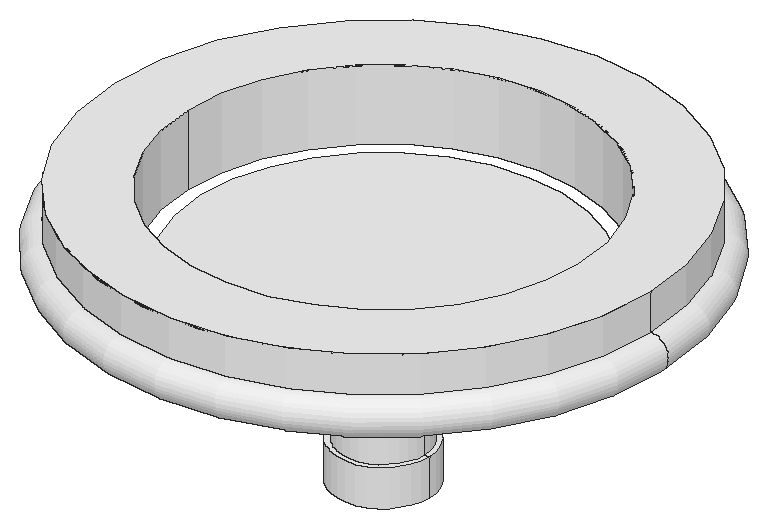
Revit family
Parameters (values of type "200 Watts")
  Wattage Comments = "200"
  Wattage = 200 W
  built-in parameter 1150110 = 1 (stored number, unit not read)
  built-in parameter 1114217 = 1 (stored number, unit not read)
  built-in parameter 1150109 = 1 (stored number, unit not read)
  built-in parameter 1150134 = 4
  built-in parameter 1150113 = 1 (stored number, unit not read)
  built-in parameter 1150105 = 8024.6 (stored number, unit not read)
  built-in parameter 1150115 = 1 (stored number, unit not read)
  Light Source Symbol Length = 1000 mm
  built-in parameter 1150137 = (empty or 0)
  built-in parameter 1150139 = (empty or 0)
  built-in parameter 1150112 = 1 (stored number, unit not read)
  built-in parameter 1150114 = 1 (stored number, unit not read)
  Lamp Frame Material = Steel
  Lamp Material = Glass1
  Lumens = 2400 lm
  built-in parameter 1010506 = 0.5236 (stored number, unit not read)
  built-in parameter 1010507 = 1.5708 (stored number, unit not read)
  Tilt Angle = 90.00°
  Lamp = "SL-1"
  built-in parameter 1150132 = (empty or 0)
  built-in parameter 1150102 = (empty or 0)
  built-in parameter 1150107 = 2800 (stored number, unit not read)
  built-in parameter 1150138 = (empty or 0)
  built-in parameter 1150106 = 80.246 (stored number, unit not read)
  built-in parameter 1150104 = 1.1148 (stored number, unit not read)
  Dimming Lamp Color Temperature Shift = (empty or 0)
  Color Filter = 16777215
  built-in parameter 1114218 = 1 (stored number, unit not read)
  built-in parameter 1150133 = 10 (stored number, unit not read)
Types (3, lengths in mm): name | Wattage Comments | Wattage | built-in parameter 1150105 | Lumens | built-in parameter 1150106
  (no name) | "200" | 200 W | 8024.6 (stored number, unit not read) | 2400 lm | 80.246 (stored number, unit not read)
  200 Watts | "200" | 200 W | 8024.6 (stored number, unit not read) | 2400 lm | 80.246 (stored number, unit not read)
  400 Watts | "400" | 400 W | 16049.1 (stored number, unit not read) | 4800 lm | 160.49 (stored number, unit not read)
Reference planes
  plane 1 "Light Source Axis (F/B)": y = 0
  plane 2 "Ceiling": z = 2438.4
  plane 3 "Light Source Axis (L/R)": x = 0
  plane 4 "Light Source Elevation": z = 2378.4
  plane 5: x = 75
  plane 6: x = -75
  plane 7: y = 75
  plane 8: y = -75
  plane 9: z = 2374.893
Forms (mm)
  Extrusion 1, solid, material "Steel" <- "Lamp Frame Material"
    sketch origin (0, 0, 2438.4) x (1, 0, 0) y (0, 1, 0)
      loop
        circle (0, 0) r 75
      loop
        circle (0, 0) r 55
    from -10 to 10
  Sweep 2, solid, material "Steel" <- "Lamp Frame Material"
    path origin (0, 0, 2438.4) x (1, 0, 0) y (0, 1, 0)
      loop
        circle (0, 0) r 75
    profile origin (0, 0, 0) x (0, -1, 0) y (0, 0, 1)
      loop
        arc (-75, 2438.4) -> (-80, 2433.4) -> (-75, 2428.4) r 5
        line (-75, 2428.4) -> (-75, 2438.4)
  Extrusion 3, solid, material "Steel" <- "Lamp Frame Material"
    sketch origin (0, 0, 2438.4) x (1, 0, 0) y (0, 1, 0)
      loop
        circle (0, 0) r 51.179
    from -10 to -12
  Extrusion 4, solid, material "Steel" <- "Lamp Frame Material"
    sketch origin (0, 0, 2438.4) x (1, 0, 0) y (0, 1, 0)
      loop
        circle (0, 0) r 44.22
    from -12 to -12.5
  Revolve 5, solid, material "Steel" <- "Lamp Frame Material"
    sketch origin (0, 0, 0) x (1, 0, 0) y (0, 0, 1)
      loop
        line (0, 2425.9) -> (0, 2406.166) -> (10.112, 2406.166) -> (10.112, 2425.9) -> (0, 2425.9)
      axis (0, 2425.9) -> (0, 2406.166)
    angle from 0 to 360
  Revolve 6, solid, material "Steel" <- "Lamp Frame Material"
    sketch origin (0, 0, 0) x (1, 0, 0) y (0, 0, 1)
      loop
        line (0, 2406.166) -> (0, 2385.204) -> (11.585, 2385.204) -> (11.585, 2406.166) -> (0, 2406.166)
      axis (0, 2406.166) -> (0, 2385.204)
    angle from 0 to 360
  Revolve 7, solid, material "Steel" <- "Lamp Frame Material"
    sketch origin (0, 0, 0) x (1, 0, 0) y (0, 0, 1)
      loop
        line (0, 2385.204) -> (0, 2374.893) -> (13.018, 2374.893) -> (13.018, 2385.204) -> (0, 2385.204)
      axis (0, 2385.204) -> (0, 2374.893)
    angle from 0 to 360
Lines and regions (mm)
  Masking region 1
    outline origin (0, 0, 2438.4) x (1, 0, 0) y (0, 1, 0)
      loop
        circle (0, 0) r 75
  sketch lines
    curve 1: line (-1524, 1524, 0) -> (1524, 1524, 0)
    curve 2: line (-1524, 1524, 0) -> (-1524, -1524, 0)
    curve 3: line (-1524, -1524, 0) -> (1524, -1524, 0)
    curve 4: line (1524, 1524, 0) -> (1524, -1524, 0)
  symbolic lines
    curve 5: arc (75, 0, 0) -> (0, 75, 0) -> (-75, 0, 0) r 75
    curve 6: arc (-75, 0, 0) -> (0, -75, 0) -> (75, 0, 0) r 75
    curve 7: arc (44.22, 0, 0) -> (0, 44.22, 0) -> (-44.22, 0, 0) r 44.22
    curve 8: arc (-44.22, 0, 0) -> (0, -44.22, 0) -> (44.22, 0, 0) r 44.22
    curve 9: arc (13.018, 0, 0) -> (0, 13.018, 0) -> (-13.018, 0, 0) r 13.018
    curve 10: arc (-13.018, 0, 0) -> (0, -13.018, 0) -> (13.018, 0, 0) r 13.018
    curve 11: arc (-55, 0, 0) -> (0, 55, 0) -> (55, 0, 0) r 55
    curve 12: arc (55, 0, 0) -> (0, -55, 0) -> (-55, 0, 0) r 55
    curve 13: arc (75, 0, 2438.4) -> (0, 75, 2438.4) -> (-75, 0, 2438.4) r 75
    curve 14: arc (-75, 0, 2438.4) -> (0, -75, 2438.4) -> (75, 0, 2438.4) r 75
    curve 15: arc (55, 0, 2438.4) -> (0, -55, 2438.4) -> (-55, 0, 2438.4) r 55
    curve 16: arc (-55, 0, 2438.4) -> (0, 55, 2438.4) -> (55, 0, 2438.4) r 55
    curve 17: arc (44.22, 0, 2438.4) -> (0, 44.22, 2438.4) -> (-44.22, 0, 2438.4) r 44.22
    curve 18: arc (-44.22, 0, 2438.4) -> (0, -44.22, 2438.4) -> (44.22, 0, 2438.4) r 44.22
Text (mm)
  text "0 Tilt Angle" at (-1482.244, 236.007, 2133.6), in view "Ref. Level"
  text "180 Tilt Angle" at (653.058, 236.007, 2133.6), in view "Ref. Level"
Dimensions and locks
  equal spacing: curve 2, plane 3 "Light Source Axis (L/R)", curve 4
  equal spacing: curve 3, plane 1 "Light Source Axis (F/B)", curve 1
  curve 2 to curve 4 = 3048 mm
  curve 3 to curve 1 = 3048 mm
  plane 6 to plane 5 = 150 mm
  plane 8 to plane 7 = 150 mm
  plane 2 "Ceiling" to plane 4 "Light Source Elevation" = 60 mm
  aligned and locked: Sweep 2 sketch curve to Extrusion 1  (x3)
  aligned and locked: plane 2 "Ceiling" to Sweep 2 sketch curve
  aligned and locked: profile plane to Sweep 2 sketch curve
  aligned and locked: Extrusion 3 to Extrusion 1
  aligned and locked: Extrusion 3 to Extrusion 4
  aligned and locked: Extrusion 4 to Revolve 5 sketch curve
  aligned and locked: plane 3 "Light Source Axis (L/R)" to Revolve 6 sketch curve
  aligned and locked: Revolve 6 sketch curve to Revolve 5
  aligned and locked: Revolve 7 sketch curve to Revolve 7 sketch curve
  aligned and locked: Masking region 1 sketch curve to curve 6
  aligned and locked: Masking region 1 sketch curve to curve 5
  aligned and locked: curve 13 to Sweep 2
  aligned and locked: curve 14 to Sweep 2
  aligned and locked: curve 15 to Extrusion 1
  aligned and locked: curve 16 to Extrusion 1
  aligned and locked: curve 17 to Extrusion 4
  aligned and locked: curve 18 to Extrusion 4
  aligned and locked: plane 3 "Light Source Axis (L/R)" to imposter light
  aligned and locked: plane 1 "Light Source Axis (F/B)" to imposter light
  aligned and locked: plane 9 to Revolve 7
  aligned and locked: imposter light to plane 9
